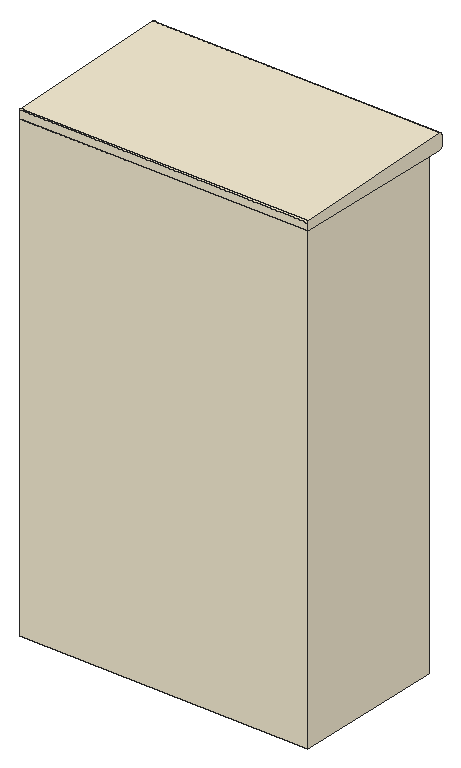
Revit family "Mailboxes_4C-Salsbury_Industries-Free_Standing-6_Door_High_Units", category Specialty Equipment, Revit 2016 (continued)
Definition of nested family "3700 Series 4C Door Configurations"
  Definition of nested family "3700 Series 4C Door Sizes"
    Dimensions and locks (in)
      equal spacing: plane 4 "Left Side Face of Door", plane 3 "Center (Left/Right)", plane 5 "Right Side Face of Door"  (x2)
      "Door Width": plane 4 "Left Side Face of Door" to plane 5 "Right Side Face of Door"
      plane 7 "Front Face of Door" to plane 10 "Face of Divider" = 0.411"
      "Center Lock-Vertical": plane 4 "Left Side Face of Door" to plane 11 "Center Lock Vertical"
      "Inset Offset": plane 16 "Inset Offset" to plane 7 "Front Face of Door"
      plane 4 "Left Side Face of Door" to plane 5 "Right Side Face of Door" = 12.885"
      plane 6 "Back Face of Door" to plane 10 "Face of Divider" = 0.525"  (x2)
      "Door Height": plane 8 to plane 2 "Bottom of Door"
      equal spacing: plane 8, plane 9, plane 2 "Bottom of Door"
      locked: plane 14 "Divider Height Align" to plane 8 at 0.25
      plane 17 to plane 9 to plane 18 = 0.37515" locked, 0.37452" locked
      plane 10 "Face of Divider" to plane 7 "Front Face of Door" = 0.411"
      locked: plane 10 "Face of Divider" to plane 13 "Face of Lock" at 0.01517
      plane 9 to plane 12 "Center Lock Horizontal" to plane 2 "Bottom of Door" = 0.222", 1.403"
      plane 6 "Back Face of Door" to plane 19 to plane 20 "Inset Offset CBU" = 0.027" locked, 0.114" locked
      plane 22 to plane 16 "Inset Offset" = 0.13557"
      plane 24 "Front of Lock" to plane 23 = 0.027"
      aligned and locked: level to plane 2 "Bottom of Door"
      aligned and locked: plane 18 to text3d elem
      aligned and locked: Extrusion 5 to plane 2 "Bottom of Door"
      aligned and locked: plane 8 to Extrusion 5
      aligned and locked: plane 24 "Front of Lock" to Blend 1
      aligned and locked: Blend 1 to plane 20 "Inset Offset CBU"
      aligned and locked: curve 9 to cut or joined group of Extrusion 4, Extrusion 5, Extrusion 6
      aligned and locked: curve 11 to cut or joined group of Extrusion 4, Extrusion 5, Extrusion 6
      aligned and locked: curve 13 to cut or joined group of Extrusion 4, Extrusion 5, Extrusion 6
      aligned and locked: curve 15 to cut or joined group of Extrusion 4, Extrusion 5, Extrusion 6
    Automatic sketch dimensions
      Blend 1 sketch curve to plane 9 = 0.22652"  (x2)
      plane 11 "Center Lock Vertical" to Blend 1 sketch curve = 0.000"  (x2)
      Extrusion 4 sketch curve to plane 18 = 0.25048"
      plane 15 "Inset Center" to Extrusion 4 sketch curve = 0.875"
      Extrusion 4 sketch curve to Extrusion 4 sketch curve = 0.125"  (x3)
      plane 3 "Center (Left/Right)" to Extrusion 4 sketch curve = 0.6525"  (x2)
      plane 17 to Extrusion 4 sketch curve = 0.24985"
      plane 11 "Center Lock Vertical" to Extrusion 3 sketch curve = 0.02933"
      Extrusion 3 sketch curve to plane 11 "Center Lock Vertical" = 0.03067"
      Extrusion 3 sketch curve to plane 18 = 0.1437"
      plane 12 "Center Lock Horizontal" to Extrusion 3 sketch curve = 0.00378"
      Extrusion 2 sketch curve to Extrusion 2 sketch curve = 0.000"  (x2)
      plane 11 "Center Lock Vertical" to Extrusion 2 sketch curve = 0.000"
      plane 18 to Extrusion 2 sketch curve = 0.028"
      Extrusion 2 sketch curve to plane 18 = 0.257"
      curve 1 to level = 0.000"
      plane 4 "Left Side Face of Door" to curve 5 = 0.000"
      curve 6 to plane 8 = 0.000"
      plane 5 "Right Side Face of Door" to curve 2 = 0.000"
      curve 7 to plane 11 "Center Lock Vertical" = 0.00067"
      plane 12 "Center Lock Horizontal" to curve 7 = 0.00378"
      curve 6 to plane 25 "Y - Door Rotation" = 0.22512"
      plane 25 "Y - Door Rotation" to curve 4 = 0.02956"
      Extrusion 5 sketch curve to plane 4 "Left Side Face of Door" = 0.000"
      Extrusion 5 sketch curve to plane 22 = 0.000"
      plane 20 "Inset Offset CBU" to Extrusion 5 sketch curve = 0.000"
      Extrusion 5 sketch curve to plane 5 "Right Side Face of Door" = 0.000"
      Extrusion 5 sketch curve to plane 19 = 0.000"
      Extrusion 5 sketch curve to plane 4 "Left Side Face of Door" = 0.07341"
      Extrusion 5 sketch curve to Extrusion 5 sketch curve = 0.23301"
      Extrusion 5 sketch curve to plane 25 "Y - Door Rotation" = 0.39172"
      plane 26 "X - Door Rotation" to Extrusion 5 sketch curve = 0.00035"
      plane 25 "Y - Door Rotation" to Extrusion 5 sketch curve = 0.00039"
      plane 19 to curve 16 = 0.000"
      curve 16 to plane 25 "Y - Door Rotation" = 0.000"
      plane 26 "X - Door Rotation" to curve 16 = 0.000"
      Extrusion 6 sketch curve to plane 25 "Y - Door Rotation" = 0.000"
      plane 26 "X - Door Rotation" to Extrusion 6 sketch curve = 0.000"
      radius of Blend 1 sketch curve = 0.525"
      radius of Blend 1 sketch curve = 0.485"
      radius of curve 7 = 0.5256"
      radius of Extrusion 6 sketch curve = 0.06942"
Definition of nested family "3700 Series 4C OM2 Configuration"
  Parameters (values of type "OM2-FL")
    Weight = ""
    Visible = yes
    URL = ""
    Default Elevation = 48.000"
    Compartment Doors Open = 0.00°
    Access Lock Offset = 0.000"
    Access Lock = yes
    Model = "3700 OM2-FL"
    Manufacturer = "Salsbury Industries"
    Lock Material = none
    Front Panel Material = none
    Door Width = 12.885"
    Door Number [instance] = "101"
    Door Height = 7.00047"
    Door Depth = 0.25391"
    Description = "OM2 Door for 3700 Series 4C Mailboxes-Front Loading"
    Cost = 0
    Center Lock-Vertical = 2.360"
    Center Lock-Horizontal = 1.96253"
  Types (3): name | Visible | Access Lock Offset | Access Lock
    OM2-FL | yes | 0.000" | yes
    OM2-RL | yes | 0.310" | no
    Empty | no | 0.000" | yes
  Reference planes (in)
    plane 1 "Center (Front/Back)": y = 0
    plane 2 "Bottom of Door": z = 0
    plane 3 "Center (Left/Right)": x = 0
    plane 4 "Left Side Face of Door": x = -6.4425
    plane 5 "Right Side Face of Door": x = 6.4425
    plane 6 "Back Face of Door": y = 0.12695
    plane 7 "Front Face of Door": y = -0.12695
    plane 8: z = 3.25
    plane 9: y = -0.46995
    plane 10 "Face of Lock": y = -0.42383
    plane 11 "Divider Height Align": z = 3.5
    plane 12 "Face of Mail Plate": y = -0.16602
    plane 13 "Top of Mail Drop Door": z = 6.73094
    plane 14 "Top of Mail Drop Divider": z = 7.00047
    plane 15 "Face of Mail Drop": y = -0.31995
    plane 16 "Top of Mail Slot": z = 6.42087
    plane 17 "Bottom of Mail Slot": z = 5.67087
    plane 18 "Left Edge of Mail Slot": x = -5.1305
    plane 19 "Right Edge of Mail Slot": x = 5.1305
    plane 20 "Mail Slot Bottom Protusion": z = 6.50987
    plane 21: y = -0.49395
    plane 22: z = 6.15637
    plane 23 "Front of Awning": y = -1.63495
    plane 24: y = -1.15685
    plane 25 "Mail Slot Slope": through (-240, -0.44582, 6.9722) normal (0, -0.5, 0.866)
    plane 26 "Access Lock Offset": y = 0.12695
    plane 27 "X - Door Rotation": y = -0.24166
    plane 28 "Y - Door Rotation": x = 6.2175
    plane 29 "Front of Divider": y = -0.50866
  Forms (in)
    Extrusion 1, solid, material <- "Front Panel Material", visible <- "Visible"
      sketch origin (0, 0, 3.5) x (-1, 0, 0) y (0, -1, 0)
        loop
          line (6.4425, -0.12695) -> (6.4425, 0.46995) -> (-6.4425, 0.46995) -> (-6.4425, -0.12695) -> (6.4425, -0.12695)
      from -0.25 to 0
    Extrusion 2, solid, material <- "Front Panel Material", visible <- "Visible"
      sketch origin (-2.13946, 0, 3.5) x (-1, 0, 0) y (0, -1, 0)
        loop
          line (4.30304, -0.12695) -> (4.30304, 0.31995) -> (-8.58196, 0.31995) -> (-8.58196, -0.12695) -> (4.30304, -0.12695)
      from 0 to 3.0094
    Extrusion 3, void
      sketch origin (0, -0.31995, 0) x (0, 0, -1) y (-1, 0, 0)
        loop
          arc (-5.67087, 4.7555) -> (-6.04587, 5.1305) -> (-6.42087, 4.7555) r 0.375
          line (-6.42087, 4.7555) -> (-6.42087, -4.7555)
          arc (-6.42087, -4.7555) -> (-6.04587, -5.1305) -> (-5.67087, -4.7555) r 0.375
          line (-5.67087, -4.7555) -> (-5.67087, 4.7555)
      from 0 to 0.44691
    Extrusion 4, solid, material <- "Front Panel Material", visible <- "Visible"
      sketch origin (0, 0, 0) x (0, 1, 0) y (0, 0, 1)
        loop
          line (0.12695, 6.50987) -> (0.12695, 7.00047) -> (-0.46995, 7.00047) -> (-0.75605, 6.83078) -> (-0.73973, 6.80251) -> (-1.27431, 6.49388) -> (-1.29063, 6.52214) -> (-1.61027, 6.3376)
          arc (-1.61027, 6.3376) -> (-1.63087, 6.31111) -> (-1.62714, 6.27777) r 0.04454
          line (-1.62714, 6.27777) -> (-1.5282, 6.17883)
          arc (-1.5282, 6.17883) -> (-1.4937, 6.16211) -> (-1.4558, 6.15637) r 0.12791
          line (-1.4558, 6.15637) -> (-1.10623, 6.15637) -> (-0.49395, 6.50987) -> (0.12695, 6.50987)
      from -6.4425 to 6.4425
  Cuts and joins
    Extrusion 3 cuts Extrusion 2
  Lines and regions (in)
    symbolic lines
      curve 1: line (-6.4425, -0.12695, 7.00047) -> (6.4425, -0.12695, 7.00047)
      curve 2: line (-6.4425, -0.12695, 3.25) -> (-6.4425, -0.12695, 7.00047)
      curve 3: line (6.4425, -0.12695, 7.00047) -> (6.4425, -0.12695, 3.25)
      curve 4: line (-6.4425, -0.12695, 3.5) -> (6.4425, -0.12695, 3.5)
      curve 5: line (-6.4425, -0.12695, 6.15637) -> (6.4425, -0.12695, 6.15637)
      curve 6: line (4.7555, -0.12695, 5.67087) -> (-4.7555, -0.12695, 5.67087)
      curve 7: arc (5.11385, -0.12695, 6.15637) -> (5.05721, -0.12695, 5.82317) -> (4.7555, -0.12695, 5.67087) r 0.375
      curve 8: arc (-4.7555, -0.12695, 5.67087) -> (-5.05721, -0.12695, 5.82317) -> (-5.11385, -0.12695, 6.15637) r 0.375
      curve 11: line (0, -0.46995, 7.00047) -> (0, -0.75605, 6.83078)
      curve 12: line (0, -0.73973, 6.80251) -> (0, -1.27431, 6.49388)
      curve 13: line (0, -0.75605, 6.83078) -> (0, -0.73973, 6.80251)
      curve 14: line (0, -1.27431, 6.49388) -> (0, -1.29063, 6.52214)
      curve 15: line (0, -1.29063, 6.52214) -> (0, -1.61027, 6.3376)
      curve 16: arc (0, -1.61027, 6.3376) -> (0, -1.63087, 6.31111) -> (0, -1.62714, 6.27777) r 0.04454
      curve 17: line (0, -1.62714, 6.27777) -> (0, -1.5282, 6.17883)
      curve 18: arc (0, -1.5282, 6.17883) -> (0, -1.4937, 6.16211) -> (0, -1.4558, 6.15637) r 0.12791
      curve 19: line (0, -1.4558, 6.15637) -> (0, -1.10623, 6.15637)
      curve 20: line (0, -1.10623, 6.15637) -> (0, -0.49395, 6.50987)
    reference lines
      curve 9: line (6.2175, -0.24166, 6.50987) -> (5.30416, -0.24166, 6.50987)
      curve 10: line (6.2175, -0.24166, 6.50987) -> (6.2175, -1.10401, 6.50987)
  Dimensions and locks (in)
    equal spacing: plane 6 "Back Face of Door", plane 1 "Center (Front/Back)", plane 7 "Front Face of Door"
    "Door Depth": plane 6 "Back Face of Door" to plane 7 "Front Face of Door"
    equal spacing: plane 4 "Left Side Face of Door", plane 3 "Center (Left/Right)", plane 5 "Right Side Face of Door"
    "Door Width": plane 4 "Left Side Face of Door" to plane 5 "Right Side Face of Door"
    plane 8 to level = 3.250"  (x2)
    locked: plane 7 "Front Face of Door" to plane 9 at 0.343
    plane 11 "Divider Height Align" to plane 8 = 0.250"
    plane 14 "Top of Mail Drop Divider" to plane 13 "Top of Mail Drop Door" to plane 11 "Divider Height Align" = 0.26953" locked, 3.23094"
    "Door Height": plane 14 "Top of Mail Drop Divider" to level
    plane 15 "Face of Mail Drop" to plane 9 = 0.150"
    locked: plane 14 "Top of Mail Drop Divider" to plane 16 "Top of Mail Slot" at 0.5796
    locked: plane 16 "Top of Mail Slot" to plane 17 "Bottom of Mail Slot" at 0.75
    locked: plane 4 "Left Side Face of Door" to plane 18 "Left Edge of Mail Slot" at 1.312
    locked: plane 19 "Right Edge of Mail Slot" to plane 5 "Right Side Face of Door" at 1.312
    locked: plane 20 "Mail Slot Bottom Protusion" to plane 16 "Top of Mail Slot" at 0.089
    plane 15 "Face of Mail Drop" to plane 21 = 0.174"
    plane 20 "Mail Slot Bottom Protusion" to plane 22 = 0.3535"
    plane 15 "Face of Mail Drop" to plane 23 "Front of Awning" = 1.315"
    plane 4 "Left Side Face of Door" to plane 5 "Right Side Face of Door" = 12.885"
    plane 6 "Back Face of Door" to plane 23 "Front of Awning" = 1.76191"
    "Access Lock Offset": plane 26 "Access Lock Offset" to plane 6 "Back Face of Door"
    locked: plane 28 "Y - Door Rotation" to plane 5 "Right Side Face of Door" at 0.225
    locked: plane 29 "Front of Divider" to plane 27 "X - Door Rotation" at 0.267
    locked: curve 9 to curve 10 (angle 90.00°)
    "Compartment Doors Open": angle plane 7 "Front Face of Door" to curve 9
    aligned and locked: level to plane 2 "Bottom of Door"
    aligned and locked: Extrusion 1 sketch curve to plane 4 "Left Side Face of Door"
    aligned and locked: Extrusion 1 sketch curve to plane 6 "Back Face of Door"
    aligned and locked: plane 5 "Right Side Face of Door" to Extrusion 1 sketch curve
    aligned and locked: Extrusion 1 to plane 8
    aligned and locked: plane 9 to Extrusion 1 sketch curve
    aligned and locked: plane 11 "Divider Height Align" to Extrusion 1
    aligned and locked: plane 4 "Left Side Face of Door" to Extrusion 1
    aligned and locked: Extrusion 1 to plane 5 "Right Side Face of Door"
    aligned and locked: Extrusion 2 to plane 15 "Face of Mail Drop"
    aligned and locked: plane 16 "Top of Mail Slot" to Extrusion 3 sketch curve
    aligned and locked: cut or joined group of Extrusion 2, Extrusion 3 to cut or joined group of Extrusion 2, Extrusion 3
    aligned and locked: Extrusion 4 to plane 5 "Right Side Face of Door"
    aligned and locked: plane 4 "Left Side Face of Door" to Extrusion 4
    aligned and locked: curve 1 to Extrusion 4
    aligned and locked: curve 2 to Extrusion 4
    aligned and locked: curve 4 to Extrusion 1
    aligned and locked: curve 5 to Extrusion 4
    aligned and locked: curve 7 to cut or joined group of Extrusion 2, Extrusion 3
    aligned and locked: curve 8 to cut or joined group of Extrusion 2, Extrusion 3
    aligned and locked: plane 27 "X - Door Rotation" to curve 10
    aligned and locked: plane 28 "Y - Door Rotation" to curve 10
  Automatic sketch dimensions
    Extrusion 2 sketch curve to plane 5 "Right Side Face of Door" = 0.000"
    Extrusion 2 sketch curve to plane 4 "Left Side Face of Door" = 0.000"
    Extrusion 2 sketch curve to plane 6 "Back Face of Door" = 0.000"
    Extrusion 2 sketch curve to plane 15 "Face of Mail Drop" = 0.000"
    Extrusion 3 sketch curve to plane 17 "Bottom of Mail Slot" = 0.000"
    plane 19 "Right Edge of Mail Slot" to Extrusion 3 sketch curve = 0.375"
    Extrusion 3 sketch curve to plane 18 "Left Edge of Mail Slot" = 0.375"
    Extrusion 4 sketch curve to plane 22 = 0.000"
    Extrusion 4 sketch curve to plane 25 "Mail Slot Slope" = 0.000"  (x2)
    Extrusion 4 sketch curve to plane 20 "Mail Slot Bottom Protusion" = 0.000"
    Extrusion 4 sketch curve to plane 21 = 0.000"
    Extrusion 4 sketch curve to plane 9 = 0.000"
    Extrusion 4 sketch curve to plane 6 "Back Face of Door" = 0.000"
    Extrusion 4 sketch curve to plane 14 "Top of Mail Drop Divider" = 0.000"
    plane 13 "Top of Mail Drop Door" to Extrusion 4 sketch curve = 0.07158"
    plane 13 "Top of Mail Drop Door" to Extrusion 4 sketch curve = 0.09984"
    plane 24 to Extrusion 4 sketch curve = 0.05062"
    Extrusion 4 sketch curve to plane 20 "Mail Slot Bottom Protusion" = 0.01599"
    plane 20 "Mail Slot Bottom Protusion" to Extrusion 4 sketch curve = 0.01227"
    plane 23 "Front of Awning" to Extrusion 4 sketch curve = 0.17915"
    plane 22 to Extrusion 4 sketch curve = 0.02246"
    Extrusion 4 sketch curve to Extrusion 4 sketch curve = 0.0724"
    plane 23 "Front of Awning" to Extrusion 4 sketch curve = 0.04696"
    plane 23 "Front of Awning" to Extrusion 4 sketch curve = 0.02469"
    plane 23 "Front of Awning" to Extrusion 4 sketch curve = 0.00781"
    Extrusion 4 sketch curve to Extrusion 4 sketch curve = 0.05983"
    plane 5 "Right Side Face of Door" to curve 5 = 0.000"
    curve 12 to plane 25 "Mail Slot Slope" = 0.000"  (x2)
    curve 11 to plane 9 = 0.000"
    curve 11 to plane 14 "Top of Mail Drop Divider" = 0.000"
    plane 13 "Top of Mail Drop Door" to curve 13 = 0.07158"
    plane 13 "Top of Mail Drop Door" to curve 13 = 0.09984"
    curve 12 to plane 20 "Mail Slot Bottom Protusion" = 0.01599"
    plane 20 "Mail Slot Bottom Protusion" to curve 14 = 0.01227"
    plane 23 "Front of Awning" to curve 15 = 0.02469"
    curve 16 to curve 16 = 0.02227"
    curve 16 to curve 16 = 0.03857"
    plane 23 "Front of Awning" to curve 16 = 0.00781"
    plane 22 to curve 17 = 0.02246"
    plane 23 "Front of Awning" to curve 17 = 0.10675"
    curve 18 to plane 22 = 0.000"
    plane 22 to curve 18 = 0.12791"
    plane 24 to curve 19 = 0.05062"
    curve 20 to plane 20 "Mail Slot Bottom Protusion" = 0.000"
    curve 20 to plane 21 = 0.000"
    curve 2 to plane 8 = 0.000"
    curve 3 to plane 8 = 0.000"
  Nested families (in)
    nested 1: "3700 Series 4C OM Access Door" at (0, 0, 0), visible <- "Visible", type "OM2-FL"
      with Door Number "101"
  Definition of nested family "3700 Series 4C OM Access Door"
    Parameters (values of type "OM2-FL")
      Weight = ""
      URL = ""
      Default Elevation = 48.000"
      Compartment Doors Open = 0.00°
      Access Lock Offset = 0.000"
      Access Lock = yes
      Model = "3700OM2-FL"
      Manufacturer = "Salsbury Industries"
      Lock Material = none
      Front Panel Material = none
      Door Width = 12.885"
      Door Number [instance] = "101"
      Door Height = 7.00047"
      Door Depth = 0.25391"
      Description = "OM2 Door for 3700 Series 4C Mailboxes-Front Loading"
      Cost = 0
      Center Lock-Vertical = 2.360"
      Center Lock-Horizontal = 1.96253"
    Types (2): name | Access Lock Offset | Access Lock | Model | Description
      OM2-FL | 0.000" | yes | "3700OM2-FL" | "OM2 Door for 3700 Series 4C Mailboxes-Front Loading"
      OM2-RL | 0.310" | no | "3700OM2-RL" | "OM2 Door for 3700 Series 4C Mailboxes-Rear Loading"
    Reference planes (in)
      plane 1 "Center (Front/Back)": y = 0
      plane 2 "Bottom of Door": z = 0
      plane 3 "Center (Left/Right)": x = 0
      plane 4 "Left Side Face of Door": x = -6.4425
      plane 5 "Right Side Face of Door": x = 6.4425
      plane 6 "Back Face of Door": y = 0.12695
      plane 7 "Front Face of Door": y = -0.12695
      plane 8: z = 3.25
      plane 9: z = 1.625
      plane 10: y = -0.46995
      plane 11 "Center Lock Vertical": x = -4.0825
      plane 12 "Center Lock Horizontal": z = 1.28747
      plane 13 "Face of Lock": y = -0.42383
      plane 14 "Plate Center": x = -0.16063
      plane 15 "Left Stud Align": x = -5.4575
      plane 16 "Right Stud Align": x = -2.6445
      plane 17 "Top Stud Align": z = 1.93
      plane 18 "Bottom Stud Align": z = 0.625
      plane 19 "Hinge Stud Align": x = 5.4425
      plane 20 "Mail Plate Top": z = 2.625
      plane 21 "Mail Plate Bottom": z = 0.61547
      plane 22: x = -1.9145
      plane 23: x = 2.0855
      plane 24 "Face of Mail Plate": y = -0.16602
      plane 25 "Face of Mail Drop": y = -0.31995
      plane 26: y = -0.50864
      plane 27 "Front of Awning": y = -1.63495
      plane 28: y = -1.15685
      plane 29 "Mail Slot Slope": through (-240, -0.44582, 6.9722) normal (0, -0.5, 0.866)
      plane 30 "Access Lock Offset": y = 0.12695
      plane 31 "X - Door Rotation": y = -0.24164
      plane 32 "Y - Door Rotation": x = 6.2175
    Forms (in)
      Extrusion 1, solid, material <- "Front Panel Material"
        sketch origin (0, 0, 0) x (1, 0, 0) y (0, 1, 0)
          loop
            line (-6.4425, 0.12695) -> (-6.4425, -0.12695) -> (5.81125, -0.12695)
            arc (5.81125, -0.12695) -> (5.95058, -0.17661) -> (6.02709, -0.3032) r 0.22029
            arc (6.02709, -0.3032) -> (6.1103, -0.42132) -> (6.2475, -0.46664) r 0.23034
            arc (6.2475, -0.46664) -> (6.38539, -0.40952) -> (6.4425, -0.27164) r 0.195
            line (6.4425, -0.27164) -> (6.4425, 0.12695) -> (-6.4425, 0.12695)
        from 0 to 3.25
      Extrusion 2, void
        sketch origin (0, 0.12695, -0.32777) x (0, 0, -1) y (-1, 0, 0)
          loop
            circle (-1.625, 4.0825) r 0.4375
        from 0 to -0.25391
      Extrusion 3, solid, material <- "Lock Material", visible <- "Access Lock"
        sketch origin (0, 0.12695, -0.32777) x (0, 0, -1) y (-1, 0, 0)
          loop
            circle (-1.625, 4.0825) r 0.42913
        from 0 to -0.25391
      Extrusion 4, void, detail levels fine
        sketch origin (0, 0.12695, 3.07223) x (-1, 0, 0) y (0, 0, 1)
          loop
            line (4.1118, -1.46541) -> (4.0532, -1.46541) -> (4.0532, -2.08459) -> (4.1118, -2.08459) -> (4.1118, -1.46541)
        from -0.12695 to -0.25391
      Blend 5, solid, material <- "Front Panel Material", detail levels medium+fine
        base sketch origin (0, -0.12695, 2.68123) x (-1, 0, 0) y (0, 0, 1)
          loop
            circle (5.4575, -0.75123) r 0.15665
        top sketch origin (0, -0.12695, 2.68123) x (-1, 0, 0) y (0, 0, 1)
          loop
            circle (5.4575, -0.75123) r 0.218
        from -0.11328 to 0
      Blend 6, solid, material <- "Front Panel Material", detail levels medium+fine
        base sketch origin (1.3125, -0.12695, 2.68123) x (-1, 0, 0) y (0, 0, 1)
          loop
            circle (3.957, -0.75123) r 0.15665
        top sketch origin (1.3125, -0.12695, 2.68123) x (-1, 0, 0) y (0, 0, 1)
          loop
            circle (3.957, -0.75123) r 0.218
        from -0.11328 to 0
      Blend 7, solid, material <- "Front Panel Material", detail levels medium+fine
        base sketch origin (0, -0.12695, 1.36923) x (-1, 0, 0) y (0, 0, 1)
          loop
            circle (5.4575, -0.74423) r 0.15665
        top sketch origin (0, -0.12695, 1.36923) x (-1, 0, 0) y (0, 0, 1)
          loop
            circle (5.4575, -0.74423) r 0.218
        from -0.11328 to 0
      Blend 8, solid, material <- "Front Panel Material", detail levels medium+fine
        base sketch origin (1.3125, -0.12695, 1.36923) x (-1, 0, 0) y (0, 0, 1)
          loop
            circle (3.957, -0.74423) r 0.15665
        top sketch origin (1.3125, -0.12695, 1.36923) x (-1, 0, 0) y (0, 0, 1)
          loop
            circle (3.957, -0.74423) r 0.218
        from -0.11328 to 0
      Blend 9, solid, material <- "Front Panel Material", detail levels medium+fine
        base sketch origin (10.202, -0.12695, 2.37623) x (-1, 0, 0) y (0, 0, 1)
          loop
            circle (4.447, -0.75123) r 0.15665
        top sketch origin (10.202, -0.12695, 2.37623) x (-1, 0, 0) y (0, 0, 1)
          loop
            circle (4.447, -0.75123) r 0.235
        from -0.11328 to 0
      Blend 10, solid, material <- "Front Panel Material", detail levels medium+fine
        base sketch origin (10.202, -0.12695, 1.36923) x (-1, 0, 0) y (0, 0, 1)
          loop
            circle (4.447, -0.74423) r 0.15665
        top sketch origin (10.202, -0.12695, 1.36923) x (-1, 0, 0) y (0, 0, 1)
          loop
            circle (4.447, -0.74423) r 0.235
        from -0.11328 to 0
      Extrusion 11, solid, material <- "Lock Material"
        sketch origin (0, -0.12695, 0) x (-1, 0, 0) y (0, 0, 1)
          loop
            line (1.7085, 2.625) -> (-1.88628, 2.625)
            arc (-1.88628, 2.625) -> (-2.02715, 2.56665) -> (-2.0855, 2.42578) r 0.19922
            line (-2.0855, 2.42578) -> (-2.0855, 0.81469)
            arc (-2.0855, 0.81469) -> (-2.02715, 0.67382) -> (-1.88628, 0.61547) r 0.19922
            line (-1.88628, 0.61547) -> (1.70828, 0.61547)
            arc (1.70828, 0.61547) -> (1.8541, 0.67587) -> (1.9145, 0.82169) r 0.20622
            line (1.9145, 0.82169) -> (1.9145, 2.419)
            arc (1.9145, 2.419) -> (1.85416, 2.56466) -> (1.7085, 2.625) r 0.206
        from 0 to -0.03906
      Blend 12, solid, material <- "Front Panel Material", detail levels medium+fine
        base sketch origin (10.202, -0.12695, 3.23823) x (-1, 0, 0) y (0, 0, 1)
          loop
            circle (4.447, -0.61323) r 0.15665
        top sketch origin (10.202, -0.12695, 3.23823) x (-1, 0, 0) y (0, 0, 1)
          loop
            circle (4.447, -0.61323) r 0.235
        from -0.11328 to 0
      Blend 13, solid, material <- "Front Panel Material", detail levels medium+fine
        base sketch origin (3.9436, -0.12695, 5.77512) x (0, 0, -1) y (-1, 0, 0)
          loop
            circle (4.447, -0.75123) r 0.15665
        top sketch origin (3.9436, -0.12695, 5.77512) x (0, 0, -1) y (-1, 0, 0)
          loop
            circle (4.447, -0.75123) r 0.235
        from -0.11328 to 0
      Extrusion 14, void
        sketch origin (0, 0, 0) x (1, 0, 0) y (0, 1, 0)
          loop
            circle (6.2175, -0.24164) r 0.069
        from 3.25 to 0
    Cuts and joins
      Extrusion 2, Extrusion 14 cuts Extrusion 1
      Extrusion 4 cuts Extrusion 3
    Lines and regions (in)
      symbolic lines
        curve 1: circle (-5.4575, -0.12695, 1.93) r 0.218 normal (0, 1, 0)
        curve 2: circle (-5.4575, -0.12695, 0.625) r 0.218 normal (0, 1, 0)
        curve 3: circle (-2.6445, -0.12695, 0.625) r 0.218 normal (0, 1, 0)
        curve 4: circle (-2.6445, -0.12695, 1.93) r 0.218 normal (0, 1, 0)
        curve 5: circle (-4.0825, -0.12695, 1.29723) r 0.42913 normal (0, 1, 0)
        curve 6: circle (5.755, -0.12695, 0.625) r 0.235 normal (0, 1, 0)
        curve 7: circle (5.755, -0.12695, 1.625) r 0.235 normal (0, 1, 0)
        curve 8: line (-1.9145, -0.12695, 0.82169) -> (-1.9145, -0.12695, 2.419)
        curve 9: line (-1.7085, -0.12695, 2.625) -> (1.88628, -0.12695, 2.625)
        curve 10: line (2.0855, -0.12695, 2.42578) -> (2.0855, -0.12695, 0.81469)
        curve 11: line (1.88628, -0.12695, 0.61547) -> (-1.70828, -0.12695, 0.61547)
        curve 12: circle (5.755, -0.12695, 2.625) r 0.235 normal (0, 1, 0)
        curve 13: circle (4.69484, -0.12695, 1.32813) r 0.25 normal (0, 1, 0)
        curve 14: arc (-1.9145, -0.12695, 2.419) -> (-1.85416, -0.12695, 2.56466) -> (-1.7085, -0.12695, 2.625) r 0.206
        curve 15: arc (1.88628, -0.12695, 2.625) -> (2.02715, -0.12695, 2.56665) -> (2.0855, -0.12695, 2.42578) r 0.19922
        curve 16: arc (2.0855, -0.12695, 0.81469) -> (2.02715, -0.12695, 0.67382) -> (1.88628, -0.12695, 0.61547) r 0.19922
        curve 17: arc (-1.70828, -0.12695, 0.61547) -> (-1.8541, -0.12695, 0.67587) -> (-1.9145, -0.12695, 0.82169) r 0.20622
        curve 18: line (-6.4425, -0.12695, 0) -> (-6.4425, -0.12695, 3.25)
        curve 19: line (6.4425, -0.12695, 0) -> (-6.4425, -0.12695, 0)
        curve 20: line (6.4425, -0.12695, 3.25) -> (6.4425, -0.12695, 0)
        curve 21: line (6.4425, -0.12695, 3.25) -> (-6.4425, -0.12695, 3.25)
    Dimensions and locks (in)
      equal spacing: plane 6 "Back Face of Door", plane 1 "Center (Front/Back)", plane 7 "Front Face of Door"
      "Door Depth": plane 6 "Back Face of Door" to plane 7 "Front Face of Door"
      equal spacing: plane 4 "Left Side Face of Door", plane 3 "Center (Left/Right)", plane 5 "Right Side Face of Door"
      "Door Width": plane 4 "Left Side Face of Door" to plane 5 "Right Side Face of Door"
      plane 8 to level = 3.250"
      equal spacing: plane 8, plane 9, level
      locked: plane 7 "Front Face of Door" to plane 10 at 0.343
      "Center Lock-Vertical": plane 4 "Left Side Face of Door" to plane 11 "Center Lock Vertical"
      "Center Lock-Horizontal": plane 8 to plane 12 "Center Lock Horizontal"
      plane 4 "Left Side Face of Door" to plane 15 "Left Stud Align" to plane 16 "Right Stud Align" = 0.985", 2.813"
      plane 8 to plane 17 "Top Stud Align" to plane 18 "Bottom Stud Align" = 1.320", 1.305"
      plane 19 "Hinge Stud Align" to plane 5 "Right Side Face of Door" = 1.000"
      plane 8 to plane 20 "Mail Plate Top" to plane 21 "Mail Plate Bottom" = 0.625", 2.00953"
      plane 4 "Left Side Face of Door" to plane 22 to plane 23 = 4.528", 4.000"
      plane 25 "Face of Mail Drop" to plane 10 = 0.150"
      plane 25 "Face of Mail Drop" to plane 26 = 0.18868"
      plane 25 "Face of Mail Drop" to plane 27 "Front of Awning" = 1.315"
      plane 4 "Left Side Face of Door" to plane 5 "Right Side Face of Door" = 12.885"
      plane 6 "Back Face of Door" to plane 27 "Front of Awning" = 1.76191"
      "Access Lock Offset": plane 30 "Access Lock Offset" to plane 6 "Back Face of Door"
      plane 18 "Bottom Stud Align" to plane 2 "Bottom of Door" = 0.625"
      plane 12 "Center Lock Horizontal" to plane 2 "Bottom of Door" = 1.28747"
      plane 20 "Mail Plate Top" to plane 9 to plane 18 "Bottom Stud Align" = 1.000", 1.000"
      plane 32 "Y - Door Rotation" to plane 5 "Right Side Face of Door" = 0.225"
      locked: plane 26 to plane 31 "X - Door Rotation" at 0.267
      cut or joined group of Extrusion 1, Extrusion 2, Extrusion 14 to plane 26 = 0.042"
      aligned and locked: level to plane 2 "Bottom of Door"
      aligned and locked: plane 4 "Left Side Face of Door" to Extrusion 1
      aligned and locked: plane 6 "Back Face of Door" to Extrusion 1
      aligned and locked: plane 7 "Front Face of Door" to Extrusion 1
      aligned and locked: Extrusion 1 to level
      aligned and locked: plane 8 to Extrusion 1
      aligned and locked: cut or joined group of Extrusion 1, Extrusion 2, Extrusion 14 to plane 2 "Bottom of Door"
      aligned and locked: curve 19 to cut or joined group of Extrusion 1, Extrusion 2, Extrusion 14
      aligned and locked: curve 20 to cut or joined group of Extrusion 1, Extrusion 2, Extrusion 14
    Automatic sketch dimensions
      plane 11 "Center Lock Vertical" to Extrusion 2 sketch curve = 0.000"
      plane 12 "Center Lock Horizontal" to Extrusion 2 sketch curve = 0.00977"
      plane 11 "Center Lock Vertical" to Extrusion 3 sketch curve = 0.000"
      plane 12 "Center Lock Horizontal" to Extrusion 3 sketch curve = 0.00977"
      Extrusion 4 sketch curve to plane 11 "Center Lock Vertical" = 0.0293"
      plane 11 "Center Lock Vertical" to Extrusion 4 sketch curve = 0.0293"
      Extrusion 4 sketch curve to plane 12 "Center Lock Horizontal" = 0.29983"
      Extrusion 4 sketch curve to plane 9 = 0.01817"
      plane 15 "Left Stud Align" to Blend 5 sketch curve = 0.000"  (x2)
      Blend 5 sketch curve to plane 17 "Top Stud Align" = 0.000"  (x2)
      plane 16 "Right Stud Align" to Blend 6 sketch curve = 0.000"  (x2)
      Blend 6 sketch curve to plane 17 "Top Stud Align" = 0.000"  (x2)
      plane 15 "Left Stud Align" to Blend 7 sketch curve = 0.000"  (x2)
      Blend 7 sketch curve to plane 18 "Bottom Stud Align" = 0.000"  (x2)
      plane 16 "Right Stud Align" to Blend 8 sketch curve = 0.000"  (x2)
      Blend 8 sketch curve to plane 18 "Bottom Stud Align" = 0.000"  (x2)
      Blend 9 sketch curve to plane 9 = 0.000"  (x2)
      Blend 9 sketch curve to plane 19 "Hinge Stud Align" = 0.3125"  (x2)
      Blend 10 sketch curve to plane 18 "Bottom Stud Align" = 0.000"  (x2)
      Blend 10 sketch curve to plane 19 "Hinge Stud Align" = 0.3125"  (x2)
      plane 23 to Extrusion 11 sketch curve = 0.000"
      Extrusion 11 sketch curve to plane 21 "Mail Plate Bottom" = 0.000"
      Extrusion 11 sketch curve to plane 20 "Mail Plate Top" = 0.000"
      plane 22 to Extrusion 11 sketch curve = 0.000"
      plane 23 to Extrusion 11 sketch curve = 0.19922"  (x2)
      plane 17 "Top Stud Align" to Extrusion 11 sketch curve = 0.489"
      plane 18 "Bottom Stud Align" to Extrusion 11 sketch curve = 0.19669"
      Blend 12 sketch curve to plane 19 "Hinge Stud Align" = 0.3125"  (x2)
      Blend 12 sketch curve to plane 20 "Mail Plate Top" = 0.000"  (x2)
      plane 12 "Center Lock Horizontal" to Blend 13 sketch curve = 0.04066"  (x2)
      plane 19 "Hinge Stud Align" to Blend 13 sketch curve = 0.74766"  (x2)
      curve 6 to plane 18 "Bottom Stud Align" = 0.000"
      curve 7 to plane 9 = 0.000"
      curve 12 to plane 20 "Mail Plate Top" = 0.000"
      plane 23 to curve 16 = 0.000"
      curve 11 to plane 21 "Mail Plate Bottom" = 0.000"
      curve 15 to plane 20 "Mail Plate Top" = 0.000"
      plane 22 to curve 8 = 0.000"
      plane 16 "Right Stud Align" to curve 4 = 0.000"
      plane 16 "Right Stud Align" to curve 3 = 0.000"
      plane 11 "Center Lock Vertical" to curve 5 = 0.000"
      plane 15 "Left Stud Align" to curve 2 = 0.000"
      plane 15 "Left Stud Align" to curve 1 = 0.000"
      plane 4 "Left Side Face of Door" to curve 18 = 0.000"
      curve 2 to plane 18 "Bottom Stud Align" = 0.000"
      curve 3 to plane 18 "Bottom Stud Align" = 0.000"
      curve 1 to plane 17 "Top Stud Align" = 0.000"
      curve 4 to plane 17 "Top Stud Align" = 0.000"
      curve 18 to plane 8 = 0.000"
      curve 6 to plane 19 "Hinge Stud Align" = 0.3125"
      curve 7 to plane 19 "Hinge Stud Align" = 0.3125"
      curve 12 to plane 19 "Hinge Stud Align" = 0.3125"
      plane 12 "Center Lock Horizontal" to curve 13 = 0.04066"
      plane 19 "Hinge Stud Align" to curve 13 = 0.74766"
      plane 23 to curve 11 = 0.19922"
      plane 23 to curve 9 = 0.19922"
      plane 18 "Bottom Stud Align" to curve 17 = 0.19669"
      curve 9 to plane 22 = 0.206"
      plane 12 "Center Lock Horizontal" to curve 5 = 0.00977"
      Extrusion 1 sketch curve to plane 4 "Left Side Face of Door" = 0.000"
      Extrusion 1 sketch curve to plane 7 "Front Face of Door" = 0.000"
      Extrusion 1 sketch curve to plane 5 "Right Side Face of Door" = 0.000"
      Extrusion 1 sketch curve to plane 6 "Back Face of Door" = 0.000"
      Extrusion 1 sketch curve to plane 19 "Hinge Stud Align" = 0.36875"
      plane 25 "Face of Mail Drop" to Extrusion 1 sketch curve = 0.04832"
      Extrusion 1 sketch curve to Extrusion 1 sketch curve = 0.195"
      Extrusion 1 sketch curve to plane 25 "Face of Mail Drop" = 0.02729"
      Extrusion 1 sketch curve to Extrusion 1 sketch curve = 0.03534"
      plane 25 "Face of Mail Drop" to Extrusion 1 sketch curve = 0.01676"
      plane 31 "X - Door Rotation" to Extrusion 14 sketch curve = 0.000"
      Extrusion 14 sketch curve to plane 32 "Y - Door Rotation" = 0.000"
      radius of Extrusion 2 sketch curve = 0.4375"
      radius of Extrusion 3 sketch curve = 0.42913"
      radius of Blend 5 sketch curve = 0.15665"
      radius of Blend 5 sketch curve = 0.218"
      radius of Blend 6 sketch curve = 0.15665"
      radius of Blend 6 sketch curve = 0.218"
      radius of Blend 7 sketch curve = 0.15665"
      radius of Blend 7 sketch curve = 0.218"
      radius of Blend 8 sketch curve = 0.15665"
      radius of Blend 8 sketch curve = 0.218"
      radius of Blend 9 sketch curve = 0.15665"
      radius of Blend 9 sketch curve = 0.235"
      radius of Blend 10 sketch curve = 0.15665"
      radius of Blend 10 sketch curve = 0.235"
      radius of Blend 12 sketch curve = 0.15665"
      radius of Blend 12 sketch curve = 0.235"
      radius of Blend 13 sketch curve = 0.15665"
      radius of Blend 13 sketch curve = 0.235"
      radius of curve 1 = 0.218"
      radius of curve 2 = 0.218"
      radius of curve 3 = 0.218"
      radius of curve 4 = 0.218"
      radius of curve 5 = 0.42913"
      radius of curve 6 = 0.235"
      radius of curve 7 = 0.235"
      radius of curve 12 = 0.235"
      radius of curve 13 = 0.250"
      radius of Extrusion 14 sketch curve = 0.069"
Definition of nested family "3700 series 4C Master Hinges"
  Parameters (values of type "11 Door High Master Hinge")
    Width = 0.856"
    Height = 39.285"
    Front of Unit = none
    Depth = 0.265"
    Default Elevation = 48.000"
  Types (4): name | Height
    Max Height Master Hinge | 55.050"
    11 Door High Master Hinge | 39.285"
    10 Door High Master Hinge | 35.785"
    6 Door High Master Hinge | 21.785"
  Reference planes (in)
    plane 1 "Center (Front/Back)": y = 0
    plane 2: z = 0
    plane 3 "Center (Left/Right)": x = 0
    plane 4: x = -0.428
    plane 5: x = 0.428
    plane 6: y = 0.1325
    plane 7: y = -0.1325
    plane 8: z = 39.285
  Forms (in)
    Extrusion 1, solid, material <- "Front of Unit"
      sketch origin (0, 0, 0) x (1, 0, 0) y (0, 1, 0)
        loop
          arc (-0.428, 0) -> (-0.24361, -0.1332) -> (-0.05922, 0) r 0.19422
          line (-0.05922, 0) -> (0, 0) -> (0, -0.1325) -> (0.428, -0.1325) -> (0.428, 0.1325) -> (-0.428, 0.1325) -> (-0.428, 0)
      from 0 to 39.285
  Dimensions and locks (in)
    equal spacing: plane 4, plane 3 "Center (Left/Right)", plane 5
    "Width": plane 4 to plane 5
    equal spacing: plane 6, plane 1 "Center (Front/Back)", plane 7
    "Depth": plane 6 to plane 7
    "Height": plane 8 to plane 2
    aligned and locked: level to plane 2
    aligned and locked: Extrusion 1 to plane 8
  Automatic sketch dimensions
    Extrusion 1 sketch curve to plane 4 = 0.000"
    plane 1 "Center (Front/Back)" to Extrusion 1 sketch curve = 0.000"  (x2)
    Extrusion 1 sketch curve to plane 3 "Center (Left/Right)" = 0.000"
    Extrusion 1 sketch curve to plane 5 = 0.000"
    Extrusion 1 sketch curve to plane 7 = 0.000"
    Extrusion 1 sketch curve to plane 6 = 0.000"
    Extrusion 1 sketch curve to plane 1 "Center (Front/Back)" = 0.06102"
    Extrusion 1 sketch curve to plane 4 = 0.18439"
Definition of nested family "3700 series 4C Middle Dividers"
  Parameters (values of type "11 Door High Divider-Front")
    Width = 1.467"
    Vertical Center Dividers = yes
    Height = 39.285"
    Front of Unit = none
    Depth = 0.265"
    Default Elevation = 48.000"
  Types (8): name | Width | Height
    Max Height Center Divider-Front | 1.467" | 55.050"
    Max Height Center Divider-Back | 0.734" | 55.050"
    11 Door High Divider-Front | 1.467" | 39.285"
    11 Door High Center Divider-Back | 0.734" | 39.285"
    10 Door High Center Divider-Back | 0.734" | 35.785"
    10 Door High Divider-Front | 1.467" | 35.785"
    6 Door High Divider-Front | 1.467" | 21.785"
    6 Door High Center Divider-Back | 0.734" | 21.785"
  Reference planes (in)
    plane 1 "Center (Front/Back)": y = 0
    plane 2: z = 0
    plane 3 "Center (Left/Right)": x = 0
    plane 4: x = -0.7335
    plane 5: x = 0.7335
    plane 6: y = 0.1325
    plane 7: y = -0.1325
    plane 8: z = 39.285
  Forms (in)
    Extrusion 1, solid, material <- "Front of Unit"
      sketch origin (0, 0, 0) x (1, 0, 0) y (0, 1, 0)
        loop
          line (-0.7335, 0.1325) -> (-0.7335, -0.1325)
          spline (-0.7335, -0.1325) -> (-0.70851, -0.14226) -> (-0.63523, -0.15135) -> (-0.51866, -0.15916) -> (-0.36675, -0.16515) -> (-0.18984, -0.16892) -> (0, -0.1702) -> (0.18984, -0.16892) -> (0.36675, -0.16515) -> (0.51866, -0.15916) -> (0.63523, -0.15135) -> (0.70851, -0.14226) -> (0.7335, -0.1325)
          line (0.7335, -0.1325) -> (0.7335, 0.1325) -> (-0.7335, 0.1325)
      from 0 to 39.285
  Dimensions and locks (in)
    equal spacing: plane 4, plane 3 "Center (Left/Right)", plane 5
    "Width": plane 4 to plane 5
    equal spacing: plane 6, plane 1 "Center (Front/Back)", plane 7
    "Depth": plane 6 to plane 7
    "Height": plane 8 to plane 2
    aligned and locked: level to plane 2
    aligned and locked: Extrusion 1 to plane 8
  Automatic sketch dimensions
    Extrusion 1 sketch curve to plane 4 = 0.000"
    Extrusion 1 sketch curve to plane 3 "Center (Left/Right)" = 0.000"
    Extrusion 1 sketch curve to plane 7 = 0.000"
    Extrusion 1 sketch curve to plane 6 = 0.000"
Definition of nested family "3700 series 4C Door Frames"
  Parameters (values of type "Door Frames")
    Width = 12.914"
    Height = 0.500"
    Front of Unit = none
    Depth = 0.265"
    Default Elevation = 48.000"
  Reference planes (in)
    plane 1 "Center (Front/Back)": y = 0
    plane 2: z = 0
    plane 3 "Center (Left/Right)": x = 0
    plane 4: x = -6.457
    plane 5: x = 6.457
    plane 6: y = 0.1325
    plane 7: y = -0.1325
    plane 8: z = 0.5
  Forms (in)
    Extrusion 1, solid, material <- "Front of Unit"
      sketch origin (0, 0, 0) x (1, 0, 0) y (0, 1, 0)
        loop
          line (-6.457, -0.1325) -> (6.457, -0.1325) -> (6.457, 0.1325) -> (-6.457, 0.1325) -> (-6.457, -0.1325)
      from 0 to 0.5
  Lines and regions (in)
    symbolic lines
      curve 1: line (-6.457, 0, 0.5) -> (6.457, 0, 0.5)
      curve 2: line (-6.457, 0, 0) -> (-6.457, 0, 0.5)
      curve 3: line (6.457, 0, 0) -> (-6.457, 0, 0)
      curve 4: line (6.457, 0, 0.5) -> (6.457, 0, 0)
  Dimensions and locks (in)
    equal spacing: plane 4, plane 3 "Center (Left/Right)", plane 5
    "Width": plane 4 to plane 5
    equal spacing: plane 6, plane 1 "Center (Front/Back)", plane 7
    "Depth": plane 6 to plane 7
    "Height": plane 8 to plane 2
    aligned and locked: level to plane 2
    aligned and locked: Extrusion 1 to plane 8
    aligned and locked: curve 1 to Extrusion 1
    aligned and locked: curve 2 to Extrusion 1
    aligned and locked: curve 3 to Extrusion 1
    aligned and locked: curve 4 to Extrusion 1
  Automatic sketch dimensions
    Extrusion 1 sketch curve to plane 4 = 0.000"
    Extrusion 1 sketch curve to plane 5 = 0.000"
    Extrusion 1 sketch curve to plane 7 = 0.000"
    Extrusion 1 sketch curve to plane 6 = 0.000"
Types (7): name | Width | Vertical Center Divider | Top Back Plate | Right Inside Wall | Model | Enclousre Opening - Width | Enclosure Opening - Height | Left Inside Wall | Double Wide Hidden Components | Door Slot R6 Number | Door Slot R6 | Door Slot R5 Number | Door Slot R5 | Door Slot R4 | Door Slot R2 Number | Door Slot R2 | Door Slot R1 Number | Door Slot R1 | Door Slot L6 Number | Door Slot L6 | Door Slot L5 Number | Door Slot L5 | Door Slot L4 Number | Door Slot L4 | Door Slot L3 Number | Door Slot L3 | Door Slot L2 Number | Door Slot L2 | Door Slot L1 Number | Door Slot L1 | NoMasterDoors | Description | Center Extrusion Offset | Bottom Back Plate | 4C Unit Width | 4C Unit Height
  3906D-10 | 31.750" | yes | yes | yes | "3906D-10" | 29.875" | 22.62415" | yes | yes | "10" | 3700 Series 4C Door Configurations : MB1 Door w/ Divider | "9" | 3700 Series 4C Door Configurations : MB1 Door w/ Divider | 3700 Series 4C OM2 Configuration : OM2-FL | "8" | 3700 Series 4C Door Configurations : MB1 Door w/ Divider | "7" | 3700 Series 4C Door Configurations : MB1 Door | "6" | 3700 Series 4C Door Configurations : MB1 Door w/ Divider | "5" | 3700 Series 4C Door Configurations : MB1 Door w/ Divider | "4" | 3700 Series 4C Door Configurations : MB1 Door w/ Divider | "3" | 3700 Series 4C Door Configurations : MB1 Door w/ Divider | "2" | 3700 Series 4C Door Configurations : MB1 Door w/ Divider | "1" | 3700 Series 4C Door Configurations : MB1 Door | no | "6 Door High Unit: 10 MB1, OM2" | 0.000" | yes | 31.097" | 23.88915"
  3906S-04 | 17.750" | no | no | no | "3906S-04" | 15.750" | 22.624" | no | no | "4" | 3700 Series 4C Door Configurations : MB1 Door w/ Divider | "3" | 3700 Series 4C Door Configurations : MB1 Door w/ Divider | 3700 Series 4C OM2 Configuration : OM2-FL | "2" | 3700 Series 4C Door Configurations : MB1 Door w/ Divider | "1" | 3700 Series 4C Door Configurations : MB1 Door | "0" | 3700 Series 4C Door Configurations : Empty | "0" | 3700 Series 4C Door Configurations : Empty | "0" | 3700 Series 4C Door Configurations : Empty | "0" | 3700 Series 4C Door Configurations : Empty | "0" | 3700 Series 4C Door Configurations : Empty | "0" | 3700 Series 4C Door Configurations : Empty | no | "6 Door High Unit:  4 MB1, OM2" | 0.600" | no | 16.966" | 23.889"
  3906D-09 | 31.750" | yes | yes | yes | "3906D-09" | 29.875" | 22.62415" | yes | yes | "9" | 3700 Series 4C Door Configurations : MB1 Door w/ Divider | "0" | 3700 Series Non_Operational Door Panel : Non-Operational door | 3700 Series 4C OM2 Configuration : OM2-FL | "8" | 3700 Series 4C Door Configurations : MB1 Door w/ Divider | "7" | 3700 Series 4C Door Configurations : MB1 Door | "6" | 3700 Series 4C Door Configurations : MB1 Door w/ Divider | "5" | 3700 Series 4C Door Configurations : MB1 Door w/ Divider | "4" | 3700 Series 4C Door Configurations : MB1 Door w/ Divider | "3" | 3700 Series 4C Door Configurations : MB1 Door w/ Divider | "2" | 3700 Series 4C Door Configurations : MB1 Door w/ Divider | "1" | 3700 Series 4C Door Configurations : MB1 Door | no | "6 Door High Unit:  9 MB1, OM3" | 0.000" | yes | 31.097" | 23.88915"
  3906D-05 | 31.750" | yes | yes | yes | "3906D-05" | 29.875" | 22.62415" | yes | yes | "5" | 3700 Series 4C Door Configurations : MB1 Door w/ Divider | "4" | 3700 Series 4C Door Configurations : MB1 Door w/ Divider | 3700 Series 4C OM2 Configuration : OM2-FL | "3" | 3700 Series 4C Door Configurations : MB1 Door w/ Divider | "2" | 3700 Series 4C Door Configurations : MB1 Door | "1P" | 3700 Series 4C Parcel Configurations : PL5 w/ Divider | "0" | 3700 Series 4C Door Configurations : Empty | "0" | 3700 Series 4C Door Configurations : Empty | "0" | 3700 Series 4C Door Configurations : Empty | "0" | 3700 Series 4C Door Configurations : Empty | "1" | 3700 Series 4C Door Configurations : MB1 Door | no | "6 Door High Unit: 5 MB1, 1 PL5, OM2" | 0.000" | yes | 31.097" | 23.88915"
  3906D-2P | 31.750" | yes | yes | yes | "3906D-2P" | 29.875" | 22.62415" | yes | yes | "2P" | 3700 Series 4C Parcel Configurations : PL6 | "0" | 3700 Series 4C Door Configurations : Empty | 3700 Series 4C Door Configurations : Empty | "0" | 3700 Series 4C Door Configurations : Empty | "0" | 3700 Series 4C Door Configurations : Empty | "1P" | 3700 Series 4C Parcel Configurations : PL6 | "0" | 3700 Series 4C Door Configurations : Empty | "0" | 3700 Series 4C Door Configurations : Empty | "0" | 3700 Series 4C Door Configurations : Empty | "0" | 3700 Series 4C Door Configurations : Empty | "0" | 3700 Series 4C Door Configurations : Empty | yes | "6 Door High Unit:  2 PL6" | 0.000" | yes | 31.097" | 23.88915"
  3906S-03 | 17.750" | no | no | no | "3906S-03" | 15.750" | 22.624" | no | no | "3" | 3700 Series 4C Door Configurations : MB1 Door w/ Divider | "0" | 3700 Series Non_Operational Door Panel : Non-Operational door | 3700 Series 4C OM2 Configuration : OM2-FL | "2" | 3700 Series 4C Door Configurations : MB1 Door w/ Divider | "1" | 3700 Series 4C Door Configurations : MB1 Door | "0" | 3700 Series 4C Door Configurations : Empty | "0" | 3700 Series 4C Door Configurations : Empty | "0" | 3700 Series 4C Door Configurations : Empty | "0" | 3700 Series 4C Door Configurations : Empty | "0" | 3700 Series 4C Door Configurations : Empty | "0" | 3700 Series 4C Door Configurations : Empty | no | "6 Door High Unit:  3 MB1, OM3" | 0.600" | no | 16.966" | 23.889"
  3906S-1P | 17.750" | no | no | no | "3906S-1P" | 15.750" | 22.624" | no | no | "1P" | 3700 Series 4C Parcel Configurations : PL6 | "0" | 3700 Series 4C Door Configurations : Empty | 3700 Series 4C Door Configurations : Empty | "0" | 3700 Series 4C Door Configurations : Empty | "0" | 3700 Series 4C Door Configurations : Empty | "0" | 3700 Series 4C Door Configurations : Empty | "0" | 3700 Series 4C Door Configurations : Empty | "0" | 3700 Series 4C Door Configurations : Empty | "0" | 3700 Series 4C Door Configurations : Empty | "0" | 3700 Series 4C Door Configurations : Empty | "0" | 3700 Series 4C Door Configurations : Empty | yes | "6 Door High Unit:  1 PL6" | 0.600" | no | 16.966" | 23.889"
